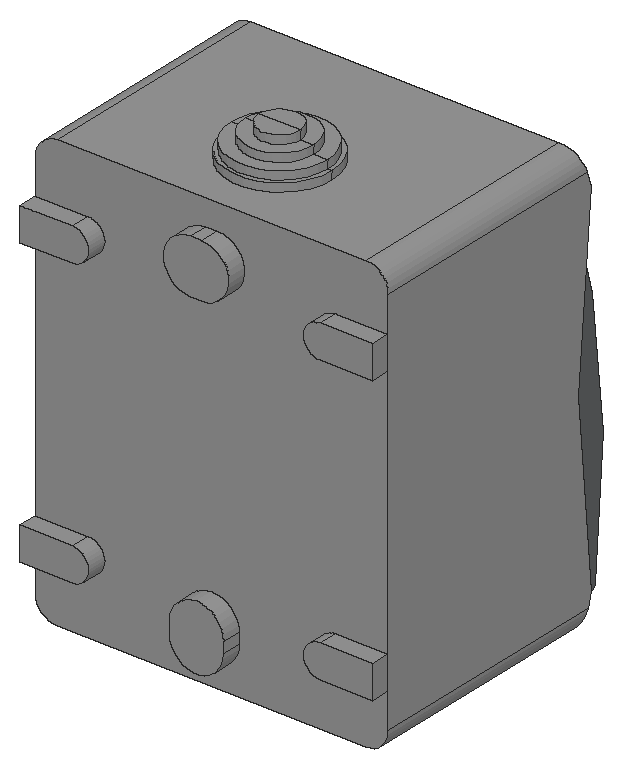
Revit family "IEK_Выключатель_ОткрытойУстановки_10А двухклавишный IP54_ФОРС", category Выключатели, Revit 2019
Family settings
  Сохранять ориентацию аннотаций = Да
  Размер круглого соединителя = Использовать диаметр
  Тип детали = Переключатель
  На основе рабочей плоскости = Нет
  Всегда вертикально = Да
  При загрузке вырезать с полостями = Нет
  Общий = Нет
  Точка расчета площади = Нет
Parameters (values of type "ВС20-2-0-ФСр")
  Ширина = 65 mm  # constant formula
  Тип монтажа = "Поверхность монтажа (открытая установка)"  # constant formula
  Степень защиты = "IP54"  # constant formula
  Материал крышки = RAL 9004
  Изготовитель = "IEK"  # constant formula
  Дата изменения = ""
  Глубина = 55 mm  # constant formula
  Высота = 92 mm  # constant formula
  ΔХ [instance] = 2000 mm
  ΔY [instance] = 2000 mm
  KSI_CPr_Строительные изделия = "20.4.01"  # constant formula
  KSI_CMa_Строительные материалы = "01.7.14.03"  # constant formula
  IEK_Цена за единицу = 429.28
  IEK_Поиск в таблице имен = ""
  IEK_Описание = "Выключатели и розетки серии «ФОРС» IP54 для открытой установки предназначены для помещений с повышенной влажностью и запыленностью: подвалов, гаражей, мастерских. Дизайн розеток и выключателей данной серии идеально впишется в интерьер промышленных предприятий."
  IEK_URL = "https://www.iek.ru/products/catalog/izdeliya_elektroustanovochnye_udliniteli_i_silovye_razemy/elektroustanovochnye_izdeliya/elektroustanovochnye_izdeliya_otkrytogo_montazha_ip44_ip54/elektroustanovochnye_izdeliya_fors/vyklyuchatel_2_klavishnyy_dlya_otkrytoy_ustanovki_vs20_2_0_fsr_fors_ip54_iek"
  ADSK_Ток [instance] = 10 A  # constant formula
  ADSK_Примечание = ""
  ADSK_Полная мощность [instance] = ADSK_Номинальная мощность / ADSK_Коэффициент мощности  # 2200 VA
  ADSK_Позиция [instance] = ""
  ADSK_Номинальная мощность [instance] = ADSK_Ток * ADSK_Напряжение * sqrt(ADSK_Количество фаз числовое) * ADSK_Коэффициент мощности  # 2200 W
  ADSK_Напряжение = 220 V
  ADSK_Наименование = "Выключатель 2-клавишный для открытой установки ВС20-2-0-ФСр ФОРС IP54 IEK"
  ADSK_Материал обозначение = ""
  ADSK_Материал наименование = "Пластик"  # constant formula
  ADSK_Материал = Окраска - RAL 7035
  ADSK_Масса = 0.125
  ADSK_Марка = "ФОРС"  # constant formula
  ADSK_Коэффициент мощности [instance] = 1  # constant formula
  ADSK_Количество фаз числовое = 1
  ADSK_Количество фаз = 1
  ADSK_Код изделия = "EVS20-K03-10-54-DC"
  ADSK_Классификация нагрузок [instance] = Прочее
  ADSK_Завод-изготовитель = "IEK"  # constant formula
  ADSK_Единица измерения = "шт"  # constant formula
  ADSK_Группирование = "III ЭЛЕКТРОУСТАНОВОЧНЫЕ И ЭЛЕКТРОМОНТАЖНЫЕ ИЗДЕЛИЯ"  # constant formula
  ADSK_Версия семейства = "1.0"  # constant formula
  ADSK_Версия Revit = "2019"  # constant formula
  ADSK_URL страницы изделия = "https://www.iek.ru/products/catalog/izdeliya_elektroustanovochnye_udliniteli_i_silovye_razemy/elektroustanovochnye_izdeliya/elektroustanovochnye_izdeliya_otkrytogo_montazha_ip44_ip54/elektroustanovochnye_izdeliya_fors/"
Reference planes
  plane 1 "По центру (Вперед/Назад)": y = 0
  plane 2: z = 0
  plane 3 "По центру (Влево/Вправо)": x = 0
  plane 4 "Высота ножек": z = 280
  plane 5 "Высота": z = 2081.496
  plane 6: x = -2000
  plane 7: y = 2000
Forms (mm)
  Extrusion 1, solid, detail levels coarse
    sketch origin (5.5, 24, 0) x (1, 0, 0) y (0, 1, 0)
      loop
        line (-38, -24) -> (27, -24) -> (27, 31) -> (-38, 31) -> (-38, -24)
    from 0 to 92
  Extrusion 2, solid, detail levels medium
    sketch origin (-5.5, 24, 0) x (1, 0, 0) y (0, 1, 0)
      loop
        line (-27, 31) -> (-27, -24) -> (38, -24) -> (38, 31) -> (-27, 31)
    from 0 to 92
  Extrusion 3, solid, material "Окраска - RAL 7035" <- "ADSK_Материал", detail levels fine
    sketch origin (0, 0, 45.5) x (1, 0, 0) y (0, 0, -1)
      loop
        line (-32, 35.5) -> (-32, -35.45)
        arc (-32, -35.45) -> (-30.814, -38.314) -> (-27.95, -39.5) r 4.05
        line (-27.95, -39.5) -> (28, -39.5)
        arc (28, -39.5) -> (30.828, -38.328) -> (32, -35.5) r 4
        line (32, -35.5) -> (32, 35.5)
        arc (32, 35.5) -> (30.828, 38.328) -> (28, 39.5) r 4
        line (28, 39.5) -> (-28, 39.5)
        arc (-28, 39.5) -> (-30.828, 38.328) -> (-32, 35.5) r 4
    from 3.5 to 50.392
  Extrusion 4, void
    sketch origin (0, 0, 32.4) x (1, 0, 0) y (0, 0, -1)
      loop
        line (-30.2, 22.4) -> (-30.2, -48.6)
        arc (-30.2, -48.6) -> (-29.556, -50.156) -> (-28, -50.8) r 2.2
        line (-28, -50.8) -> (28, -50.8)
        arc (28, -50.8) -> (29.556, -50.156) -> (30.2, -48.6) r 2.2
        line (30.2, -48.6) -> (30.2, 22.4)
        arc (30.2, 22.4) -> (29.556, 23.956) -> (28, 24.6) r 2.2
        line (28, 24.6) -> (-28, 24.6)
        arc (-28, 24.6) -> (-29.556, 23.956) -> (-30.2, 22.4) r 2.2
    from 39.3 to 50.392
  Extrusion 5, solid, material "Окраска - RAL 7035" <- "ADSK_Материал", detail levels fine
    sketch origin (0, 0, 45.5) x (1, 0, 0) y (0, 0, -1)
      loop
        line (-32, 23) -> (-22.5, 23)
        arc (-22.5, 23) -> (-19.5, 26) -> (-22.5, 29) r 3
        line (-22.5, 29) -> (-32, 29) -> (-32, 23)
      loop
        line (32, 23) -> (32, 29) -> (22.5, 29)
        arc (22.5, 29) -> (19.5, 26) -> (22.5, 23) r 3
        line (22.5, 23) -> (32, 23)
      loop
        line (-32, -23) -> (-32, -29) -> (-22.5, -29)
        arc (-22.5, -29) -> (-19.5, -26) -> (-22.5, -23) r 3
        line (-22.5, -23) -> (-32, -23)
      loop
        line (32, -23) -> (22.5, -23)
        arc (22.5, -23) -> (19.5, -26) -> (22.5, -29) r 3
        line (22.5, -29) -> (32, -29) -> (32, -23)
      loop
        arc (1, -34.9) -> (5.9, -30) -> (1, -25.1) r 4.9
        line (1, -25.1) -> (-1, -25.1)
        arc (-1, -25.1) -> (-5.9, -30) -> (-1, -34.9) r 4.9
        line (-1, -34.9) -> (1, -34.9)
      loop
        line (-4.9, 31) -> (-4.9, 29)
        arc (-4.9, 29) -> (0, 24.1) -> (4.9, 29) r 4.9
        line (4.9, 29) -> (4.9, 31)
        arc (4.9, 31) -> (0, 35.9) -> (-4.9, 31) r 4.9
    from 0 to 3.5
  Revolve 6, solid, material "Окраска - RAL 7035" <- "ADSK_Материал", detail levels fine
    sketch origin (0, 18.905, 4617.5) x (-1, 0, 0) y (0, 0, 1)
      loop
        line (0, -4526.5) -> (0, -4532.5) -> (9.541, -4532.5) -> (9.541, -4531) -> (8.75, -4531) -> (8.75, -4529.5) -> (6.25, -4529.5) -> (6.25, -4528) -> (3.75, -4528) -> (3.75, -4526.5) -> (0, -4526.5)
      loop
        line (0, -4617.5) -> (3.75, -4617.5) -> (3.75, -4616) -> (6.25, -4616) -> (6.25, -4614.5) -> (8.75, -4614.5) -> (8.75, -4613) -> (9.541, -4613) -> (9.541, -4611.5) -> (0, -4611.5) -> (0, -4617.5)
      axis (0, -4617.5) -> (0, -4526.5)
    angle from 0 to 360
  Extrusion 7, void
    sketch origin (0, 0, 45.5) x (0, 0, -1) y (0, 1, 0)
      loop
        line (39.5, 47.287) -> (39.5, 51.998) -> (-39.5, 51.998) -> (-39.5, 47.287) -> (-33.021, 49.493)
        arc (-33.021, 49.493) -> (0.067, 46.452) -> (33.15, 49.537) r 180.205
        arc (33.15, 49.537) -> (36.341, 48.456) -> (39.5, 47.287) r 121.61
    from -32 to 32
  Extrusion 8, solid, material "RAL 9004" <- "Материал крышки", detail levels fine
    sketch origin (0, 0, -54.575) x (0, 0, -1) y (0, 1, 0)
      loop
        line (-136.6, 39.3) -> (-63.59, 39.3) -> (-63.59, 46.629) -> (-64.398, 53.299)
        arc (-64.398, 53.299) -> (-64.651, 53.912) -> (-65.264, 54.166) r 0.867
        arc (-65.264, 54.166) -> (-101.053, 55.2) -> (-135.915, 47.044) r 138.769
        arc (-135.915, 47.044) -> (-136.396, 46.68) -> (-136.6, 46.112) r 1.059
        line (-136.6, 46.112) -> (-136.6, 39.3)
    from -29 to -0.5
  Extrusion 9, solid, material "RAL 9004" <- "Материал крышки", detail levels fine
    sketch origin (0, 0, -54.575) x (0, 0, -1) y (0, -1, 0)
      loop
        line (-136.6, -39.3) -> (-136.6, -46.112)
        arc (-136.6, -46.112) -> (-136.396, -46.68) -> (-135.915, -47.044) r 1.059
        arc (-135.915, -47.044) -> (-101.053, -55.2) -> (-65.264, -54.166) r 138.769
        arc (-65.264, -54.166) -> (-64.651, -53.912) -> (-64.398, -53.299) r 0.867
        line (-64.398, -53.299) -> (-63.59, -46.629) -> (-63.59, -39.3) -> (-136.6, -39.3)
    from -29 to -0.5
Cuts and joins
  Extrusion 4, Extrusion 7 cuts Extrusion 3
Lines and regions (mm)
  reference lines
    curve 1: line (0, 44.647, 0) -> (0, -55.353, 0)
    curve 2: line (-23.829, 0, 0) -> (76.171, 0, 0)
Dimensions and locks
  locked: plane 4 "Высота ножек" to plane 2 at 280
  plane 5 "Высота" to plane 4 "Высота ножек" = 1801.496 mm
  "ΔХ": plane 6 to curve 1
  "ΔY": plane 7 to curve 2
  aligned and locked: level to plane 2
  aligned and locked: curve 2 to nested 1
  aligned and locked: nested 1 to curve 1
Automatic sketch dimensions
  Extrusion 1 sketch curve to plane 1 "По центру (Вперед/Назад)" = 55 mm
  Extrusion 1 sketch curve to plane 3 "По центру (Влево/Вправо)" = 32.5 mm
  plane 3 "По центру (Влево/Вправо)" to Extrusion 1 sketch curve = 32.5 mm
  plane 1 "По центру (Вперед/Назад)" to Extrusion 1 sketch curve = 0 mm
  Extrusion 2 sketch curve to plane 3 "По центру (Влево/Вправо)" = 32.5 mm
  plane 3 "По центру (Влево/Вправо)" to Extrusion 2 sketch curve = 32.5 mm
  plane 1 "По центру (Вперед/Назад)" to Extrusion 2 sketch curve = 0 mm
  Extrusion 2 sketch curve to plane 1 "По центру (Вперед/Назад)" = 55 mm
  level to Extrusion 3 sketch curve = 10 mm  (x2)
  Extrusion 3 sketch curve to plane 3 "По центру (Влево/Вправо)" = 32 mm
  Extrusion 3 sketch curve to Extrusion 3 sketch curve = 4 mm
  Extrusion 3 sketch curve to Extrusion 3 sketch curve = 4.05 mm
  plane 3 "По центру (Влево/Вправо)" to Extrusion 3 sketch curve = 28 mm  (x2)
  Extrusion 3 sketch curve to Extrusion 3 sketch curve = 70.95 mm
  level to Extrusion 4 sketch curve = 10 mm  (x2)
  Extrusion 4 sketch curve to plane 3 "По центру (Влево/Вправо)" = 30.2 mm
  Extrusion 4 sketch curve to Extrusion 4 sketch curve = 2.2 mm  (x2)
  plane 3 "По центру (Влево/Вправо)" to Extrusion 4 sketch curve = 28 mm  (x2)
  Extrusion 4 sketch curve to Extrusion 4 sketch curve = 71 mm
  Extrusion 5 sketch curve to plane 3 "По центру (Влево/Вправо)" = 0 mm
  Extrusion 5 sketch curve to plane 3 "По центру (Влево/Вправо)" = 1 mm
  Extrusion 5 sketch curve to plane 3 "По центру (Влево/Вправо)" = 4.9 mm
  Extrusion 5 sketch curve to Extrusion 5 sketch curve = 21.5 mm  (x2)
  Extrusion 5 sketch curve to Extrusion 5 sketch curve = 17.6 mm  (x2)
  Extrusion 5 sketch curve to Extrusion 5 sketch curve = 9.5 mm  (x4)
  plane 3 "По центру (Влево/Вправо)" to Extrusion 5 sketch curve = 1 mm
  level to Extrusion 5 sketch curve = 80.4 mm
  Extrusion 5 sketch curve to Extrusion 5 sketch curve = 4.9 mm
  Extrusion 5 sketch curve to Extrusion 5 sketch curve = 1 mm  (x2)
  Extrusion 5 sketch curve to Extrusion 5 sketch curve = 3 mm  (x4)
  level to Extrusion 5 sketch curve = 22.5 mm  (x2)
  level to Extrusion 5 sketch curve = 16.5 mm
  Extrusion 5 sketch curve to Extrusion 5 sketch curve = 2 mm
  Revolve 6 sketch curve to plane 3 "По центру (Влево/Вправо)" = 0 mm  (x3)
  Revolve 6 sketch curve to level = 0 mm
  Revolve 6 sketch curve to plane 3 "По центру (Влево/Вправо)" = 3.75 mm  (x2)
  level to Revolve 6 sketch curve = 1.5 mm
  Revolve 6 sketch curve to Revolve 6 sketch curve = 2.5 mm  (x4)
  Revolve 6 sketch curve to Revolve 6 sketch curve = 0.791 mm  (x2)
  Revolve 6 sketch curve to Revolve 6 sketch curve = 1.5 mm  (x6)
  Revolve 6 sketch curve to Revolve 6 sketch curve = 4.5 mm
  Revolve 6 sketch curve to Revolve 6 sketch curve = 79 mm
  Revolve 6 sketch curve to level = 1478.5 mm
  Revolve 6 sketch curve to plane 5 "Высота" = 511.996 mm
  level to Extrusion 7 sketch curve = 85 mm
  Extrusion 7 sketch curve to Extrusion 7 sketch curve = 6.479 mm
  level to Extrusion 7 sketch curve = 49.778 mm
  level to Extrusion 7 sketch curve = 45.554 mm
  level to Extrusion 7 sketch curve = 6 mm
  plane 1 "По центру (Вперед/Назад)" to Extrusion 7 sketch curve = 66.17 mm
  Extrusion 7 sketch curve to plane 1 "По центру (Вперед/Назад)" = 47.287 mm  (x2)
  Extrusion 7 sketch curve to Extrusion 7 sketch curve = 2.206 mm
  Extrusion 7 sketch curve to Extrusion 7 sketch curve = 4.711 mm
  Extrusion 7 sketch curve to Extrusion 7 sketch curve = 174.659 mm
  level to Extrusion 8 sketch curve = 82.025 mm
  Extrusion 8 sketch curve to Extrusion 8 sketch curve = 1.058 mm
  level to Extrusion 8 sketch curve = 32.559 mm
  level to Extrusion 8 sketch curve = 10.689 mm
  Extrusion 8 sketch curve to Extrusion 8 sketch curve = 0.867 mm
  Extrusion 8 sketch curve to Extrusion 8 sketch curve = 0.808 mm
  plane 1 "По центру (Вперед/Назад)" to Extrusion 8 sketch curve = 82.869 mm
  Extrusion 8 sketch curve to plane 1 "По центру (Вперед/Назад)" = 39.3 mm
  Extrusion 8 sketch curve to Extrusion 8 sketch curve = 6.752 mm
  Extrusion 8 sketch curve to Extrusion 8 sketch curve = 0.061 mm
  Extrusion 8 sketch curve to Extrusion 8 sketch curve = 7.329 mm
  Extrusion 8 sketch curve to Extrusion 8 sketch curve = 6.67 mm
  level to Extrusion 9 sketch curve = 82.025 mm
  Extrusion 9 sketch curve to Extrusion 9 sketch curve = 1.058 mm
  level to Extrusion 9 sketch curve = 32.559 mm
  level to Extrusion 9 sketch curve = 10.689 mm
  Extrusion 9 sketch curve to Extrusion 9 sketch curve = 0.867 mm
  Extrusion 9 sketch curve to Extrusion 9 sketch curve = 0.808 mm
  Extrusion 9 sketch curve to plane 1 "По центру (Вперед/Назад)" = 53.299 mm
  Extrusion 9 sketch curve to Extrusion 9 sketch curve = 6.67 mm
  Extrusion 9 sketch curve to plane 1 "По центру (Вперед/Назад)" = 46.112 mm
  Extrusion 9 sketch curve to Extrusion 9 sketch curve = 0.061 mm
  Extrusion 9 sketch curve to Extrusion 9 sketch curve = 7.329 mm
  plane 1 "По центру (Вперед/Назад)" to Extrusion 9 sketch curve = 82.869 mm
  curve 2 to plane 3 "По центру (Влево/Вправо)" = 23.829 mm
  plane 3 "По центру (Влево/Вправо)" to curve 2 = 76.171 mm
  plane 1 "По центру (Вперед/Назад)" to curve 1 = 55.353 mm
  curve 1 to plane 1 "По центру (Вперед/Назад)" = 44.647 mm
Nested families
  nested 1: "УГО Выключателя" at (0, 0, 0), type "2K-O", detail levels coarse+medium
    with IP44 yes
Connectors
  electrical at (0, 0, 46), driven by "ADSK_Количество фаз", driven by "ADSK_Классификация нагрузок", driven by "ADSK_Напряжение", driven by "ADSK_Полная мощность", driven by "ADSK_Коэффициент мощности"
    settings: on Extrusion 1, index 1, voltage 220 V, apparent load 0 VA, apparent load phase1 2200 VA, apparent load phase2 0 VA, apparent load phase3 0 VA, power factor 1, load classification "Прочее", number of poles 1, system type 31, power factor state 1, is connector primary yes, connector utility no, sub classification motor no, connector description ""
Definition of nested family "УГО Выключателя"
  Parameters (values of type "3K-O")
    IP44 [instance] = no
    3K-C = no
    2K-C = no
    1K-C = no
    3K-O = yes
    2K-O = no
    1K-O = no
  Types (6, lengths in mm): name | 3K-C | 2K-C | 1K-C | 3K-O | 2K-O | 1K-O
    2K-O | no | no | no | no | yes | no
    3K-O | no | no | no | yes | no | no
    2K-C | no | yes | no | no | no | no
    1K-O | no | no | no | no | no | yes
    1K-C | no | no | yes | no | no | no
    3K-C | yes | no | no | no | no | no
  Reference planes
    plane 1: y = 0
    plane 2: x = 0
  Lines and regions (mm)
    Filled region 1, type "Цветовая область 1", visible <- "IP44", not visible
      outline origin (0, 0, 0) x (1, 0, 0) y (0, 1, 0)
        loop
          circle (0, 2.214) r 0.994
    Filled region 2, type "Цветовая область 1", visible <- "IP44", not visible
      outline origin (-1.562, 0, 0) x (1, 0, 0) y (0, 1, 0)
        loop
          circle (11.009, 9.276) r 0.994
    Filled region 3, type "Цветовая область 1", visible <- "IP44", not visible
      outline origin (-1.562, 0, 0) x (1, 0, 0) y (0, 1, 0)
        loop
          circle (23.521, 9.279) r 0.994
    Filled region 4, type "Цветовая область 1", visible <- "IP44", not visible
      outline origin (0, 0, 0) x (1, 0, 0) y (0, 1, 0)
        loop
          circle (28.604, 9.279) r 0.994
    Filled region 5, type "Цветовая область 1", visible <- "IP44", not visible
      outline origin (0, 0, 0) x (1, 0, 0) y (0, 1, 0)
        loop
          circle (32.789, 9.279) r 0.994
    Filled region 6, type "Цветовая область 1", visible <- "IP44"
      outline origin (0, 0, 0) x (1, 0, 0) y (0, 1, 0)
        loop
          circle (0.006, 0.994) r 0.994
    Filled region 7, type "Цветовая область 1", visible <- "IP44"
      outline origin (0, 0, 0) x (1, 0, 0) y (0, 1, 0)
        loop
          circle (0.006, 0.994) r 0.994
    Filled region 8, type "Цветовая область 1", visible <- "IP44"
      outline origin (-1.562, 0, 0) x (1, 0, 0) y (0, 1, 0)
        loop
          circle (1.569, 0.994) r 0.994
    Filled region 9, type "Цветовая область 1", visible <- "IP44"
      outline origin (0, 0, 0) x (1, 0, 0) y (0, 1, 0)
        loop
          circle (0.006, 0.994) r 0.994
    Filled region 10, type "Цветовая область 1", visible <- "IP44", not visible
      outline origin (0, 0, 0) x (1, 0, 0) y (0, 1, 0)
        loop
          circle (15.057, 15.33) r 0.994
    Filled region 11, type "Цветовая область 1", visible <- "IP44"
      outline origin (-1.562, 0, 0) x (1, 0, 0) y (0, 1, 0)
        loop
          circle (1.569, 0.994) r 0.994
    Filled region 12, type "Цветовая область 1", visible <- "IP44"
      outline origin (0, 0, 0) x (1, 0, 0) y (0, 1, 0)
        loop
          circle (0.006, 0.994) r 0.994
    detail lines, visible <- "3K-O", not visible
      curve 1: line (0.86, 2.711, 0) -> (3.031, 3.964, 0)
      curve 2: line (0.639, 2.975, 0) -> (2.25, 4.895, 0)
      curve 3: line (0.323, 3.154, 0) -> (1.139, 5.524, 0)
      curve 4: circle (0, 2.214, 0) r 0.994 normal (0, 0, 1)
      curve 5: line (3.031, 3.964, 0) -> (3.431, 3.272, 0)
      curve 6: line (2.25, 4.895, 0) -> (2.863, 4.381, 0)
      curve 7: line (1.139, 5.524, 0) -> (1.896, 5.263, 0)
    detail lines, visible <- "2K-O", not visible
      curve 8: line (10.196, 9.928, 0) -> (12.088, 11.572, 0)
      curve 9: line (9.928, 10.145, 0) -> (11.143, 12.337, 0)
      curve 10: circle (9.446, 9.276, 0) r 0.994 normal (0, 0, 1)
      curve 11: line (12.088, 11.572, 0) -> (12.613, 10.968, 0)
      curve 12: line (11.143, 12.337, 0) -> (11.843, 11.949, 0)
    detail lines, visible <- "1K-O", not visible
      curve 13: line (15.627, 16.144, 0) -> (17.201, 18.393, 0)
      curve 14: circle (15.057, 15.33, 0) r 0.994 normal (0, 0, 1)
      curve 15: line (17.201, 18.393, 0) -> (17.857, 17.934, 0)
    detail lines, visible <- "3K-C", not visible
      curve 16: line (22.819, 9.775, 0) -> (24.99, 11.029, 0)
      curve 17: line (22.597, 10.04, 0) -> (24.208, 11.96, 0)
      curve 18: line (22.282, 10.218, 0) -> (23.098, 12.588, 0)
      curve 19: circle (21.958, 9.279, 0) r 0.994 normal (0, 0, 1)
      curve 20: line (24.765, 11.418, 0) -> (25.215, 10.639, 0)
      curve 21: line (23.863, 12.249, 0) -> (24.553, 11.67, 0)
      curve 22: line (22.672, 12.734, 0) -> (23.523, 12.441, 0)
    detail lines, visible <- "2K-C", not visible
      curve 23: line (29.354, 9.93, 0) -> (31.246, 11.575, 0)
      curve 24: line (29.086, 10.148, 0) -> (30.301, 12.34, 0)
      curve 25: circle (28.604, 9.279, 0) r 0.994 normal (0, 0, 1)
      curve 26: line (30.951, 11.914, 0) -> (31.541, 11.235, 0)
      curve 27: line (29.908, 12.558, 0) -> (30.695, 12.122, 0)
    detail lines, visible <- "1K-C", not visible
      curve 28: line (33.359, 10.092, 0) -> (34.797, 12.146, 0)
      curve 29: circle (32.789, 9.279, 0) r 0.994 normal (0, 0, 1)
      curve 30: line (34.428, 12.404, 0) -> (35.165, 11.887, 0)
    detail lines
      curve 31: line (0.006, 0, 0) -> (0.006, 2.454, 0)
      curve 32: line (0.006, 0, 0) -> (2.217, 0, 0)
    detail lines, visible <- "1K-C"
      curve 33: line (0.576, 1.808, 0) -> (2.014, 3.861, 0)
      curve 34: circle (0.006, 0.994, 0) r 0.994 normal (0, 0, 1)
      curve 35: line (1.645, 4.119, 0) -> (2.383, 3.603, 0)
    detail lines, visible <- "2K-C"
      curve 36: line (0.756, 1.645, 0) -> (2.648, 3.29, 0)
      curve 37: line (0.488, 1.863, 0) -> (1.703, 4.055, 0)
      curve 38: circle (0.006, 0.994, 0) r 0.994 normal (0, 0, 1)
      curve 39: line (2.353, 3.629, 0) -> (2.943, 2.95, 0)
      curve 40: line (1.31, 4.273, 0) -> (2.097, 3.837, 0)
    detail lines, visible <- "3K-C"
      curve 41: line (0.867, 1.49, 0) -> (3.037, 2.744, 0)
      curve 42: line (0.645, 1.755, 0) -> (2.256, 3.675, 0)
      curve 43: line (0.33, 1.933, 0) -> (1.146, 4.303, 0)
      curve 44: circle (0.006, 0.994, 0) r 0.994 normal (0, 0, 1)
      curve 45: line (2.812, 3.133, 0) -> (3.262, 2.354, 0)
      curve 46: line (1.911, 3.964, 0) -> (2.601, 3.386, 0)
      curve 47: line (0.72, 4.449, 0) -> (1.571, 4.156, 0)
    detail lines, visible <- "1K-O"
      curve 48: line (0.576, 1.808, 0) -> (2.151, 4.056, 0)
      curve 49: circle (0.006, 0.994, 0) r 0.994 normal (0, 0, 1)
      curve 50: line (2.151, 4.056, 0) -> (2.806, 3.597, 0)
    detail lines, visible <- "2K-O"
      curve 51: line (0.756, 1.645, 0) -> (2.648, 3.29, 0)
      curve 52: line (0.488, 1.863, 0) -> (1.703, 4.055, 0)
      curve 53: circle (0.006, 0.994, 0) r 0.994 normal (0, 0, 1)
      curve 54: line (2.648, 3.29, 0) -> (3.173, 2.686, 0)
      curve 55: line (1.703, 4.055, 0) -> (2.403, 3.667, 0)
    detail lines, visible <- "3K-O"
      curve 56: line (0.867, 1.49, 0) -> (3.037, 2.744, 0)
      curve 57: line (0.645, 1.755, 0) -> (2.256, 3.675, 0)
      curve 58: line (0.33, 1.933, 0) -> (1.146, 4.303, 0)
      curve 59: circle (0.006, 0.994, 0) r 0.994 normal (0, 0, 1)
      curve 60: line (3.037, 2.744, 0) -> (3.437, 2.051, 0)
      curve 61: line (2.256, 3.675, 0) -> (2.869, 3.161, 0)
      curve 62: line (1.146, 4.303, 0) -> (1.902, 4.042, 0)
